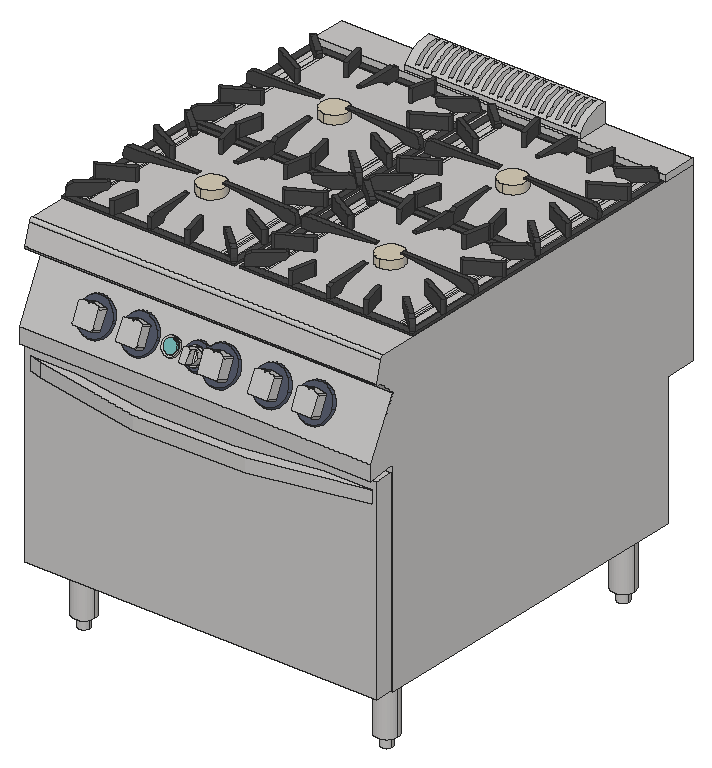
Revit family "QF_ZANUSSI_392260_Z9GCGHTCGB", category Specialty Equipment, Revit 2018 (continued)
Definition of nested family "QF_392008_BURNER"
  Automatic sketch dimensions
    curve 95 to curve 5 = 33.104 mm
    Extrusion 8 sketch curve to Extrusion 3 = 5.275 mm  (x2)
    Extrusion 8 sketch curve to Extrusion 8 sketch curve = 1.125 mm  (x16)
    Extrusion 3 to Extrusion 8 sketch curve = 38.711 mm  (x2)
    Extrusion 8 sketch curve to Extrusion 3 = 7.19 mm  (x3)
    Extrusion 3 to Extrusion 8 sketch curve = 72.734 mm  (x2)
    Extrusion 8 sketch curve to Extrusion 8 sketch curve = 4.382 mm  (x16)
    Extrusion 8 sketch curve to Extrusion 3 = 2.995 mm  (x4)
    Extrusion 8 sketch curve to Extrusion 8 sketch curve = 34.416 mm  (x4)
    Extrusion 3 to Extrusion 8 sketch curve = 50.629 mm  (x3)
    Extrusion 8 sketch curve to Extrusion 8 sketch curve = 93.773 mm  (x2)
    Extrusion 3 to Extrusion 8 sketch curve = 40.96 mm  (x2)
    Extrusion 8 sketch curve to Extrusion 3 = 7.476 mm  (x2)
    Extrusion 8 sketch curve to Extrusion 8 sketch curve = 2.408 mm  (x4)
    Extrusion 3 to Extrusion 8 sketch curve = 91.634 mm  (x2)
    Extrusion 8 sketch curve to Extrusion 8 sketch curve = 4.872 mm  (x8)
    Extrusion 8 sketch curve to Extrusion 8 sketch curve = 11.182 mm  (x4)
    Extrusion 3 to Extrusion 8 sketch curve = 112.56 mm
    Extrusion 8 sketch curve to Extrusion 8 sketch curve = 61.931 mm
    Extrusion 3 to Extrusion 8 sketch curve = 55.445 mm
    Extrusion 8 sketch curve to Extrusion 8 sketch curve = 4.816 mm
    curve 67 to curve 85 = 19.656 mm
    curve 71 to curve 80 = 19.656 mm
    curve 99 to plane 5 "FRONT" = 7.524 mm
    curve 74 to curve 99 = 41.179 mm
    curve 98 to curve 99 = 4.872 mm
    curve 96 to plane 5 "FRONT" = 5.275 mm
    curve 99 to curve 96 = 4.872 mm
    curve 99 to curve 98 = 11.182 mm
    curve 98 to curve 97 = 4.872 mm
    curve 96 to plane 5 "FRONT" = 53.711 mm
    curve 97 to curve 96 = 4.872 mm
    curve 97 to curve 97 = 1.125 mm
    curve 103 to curve 70 = 62.105 mm
    curve 103 to curve 103 = 4.872 mm  (x2)
    curve 100 to plane 5 "FRONT" = 5.275 mm
    curve 100 to curve 100 = 11.182 mm
    curve 101 to curve 101 = 4.872 mm
    curve 102 to plane 5 "FRONT" = 7.524 mm
    curve 101 to curve 102 = 4.872 mm
    curve 100 to curve 100 = 48.436 mm
    curve 103 to curve 103 = 1.125 mm
    curve 106 to curve 67 = 62.105 mm
    curve 107 to curve 107 = 4.872 mm
    plane 1 "BACK" to curve 104 = 55.96 mm
    curve 107 to curve 104 = 4.872 mm
    plane 1 "BACK" to curve 105 = 5.275 mm
    curve 107 to curve 105 = 11.182 mm
    curve 105 to curve 105 = 4.872 mm  (x2)
    curve 107 to curve 107 = 1.125 mm
    plane 1 "BACK" to curve 104 = 7.524 mm
    plane 1 "BACK" to curve 109 = 7.524 mm
    curve 62 to curve 109 = 41.179 mm
    curve 109 to curve 109 = 4.872 mm
    plane 1 "BACK" to curve 108 = 5.275 mm
    curve 109 to curve 108 = 4.872 mm
    curve 110 to curve 111 = 11.182 mm
    curve 110 to curve 111 = 4.872 mm
    plane 1 "BACK" to curve 108 = 53.711 mm
    curve 111 to curve 108 = 4.872 mm
    curve 111 to curve 108 = 2.25 mm
    radius of Extrusion 4 sketch curve = 30 mm
